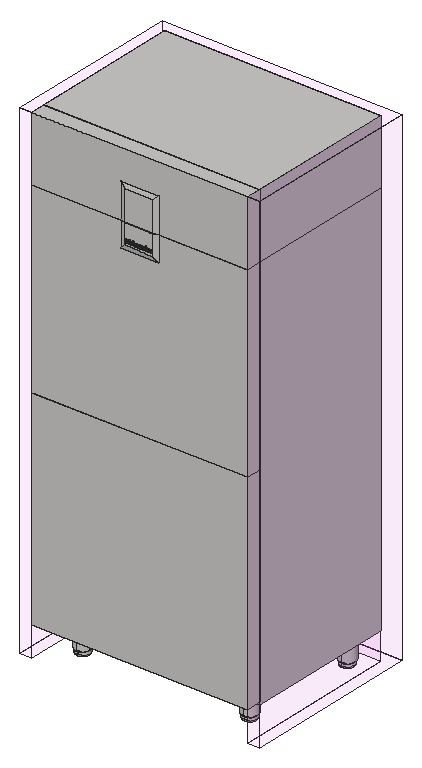
Revit family "QF_ELECTROLUXPROFESSIONAL_691351_PS09R2FHC", category Specialty Equipment, Revit 2018
Family settings
  Round Connector Dimension = Use Diameter
  Part Type = Normal
  Work Plane-Based = No
  Always vertical = Yes
  Cut with Voids When Loaded = No
  Shared = No
  Room Calculation Point = No
Parameters (values of type "Standard")
  Weight = 29.2159 lbm
  Watts = 0 W
  Volts = 220 V
  URL Manufacturer = "http://professional.electrolux.com"
  URL = "http://professional.electrolux.com"
  Steam Supply Size = 0"
  Steam Supply Minimum Pressure = 0.00 psi
  Steam Supply Maximum Pressure = 0.00 psi
  Steam Pounds per Hour = 0
  Show Clearance [instance] = yes
  Refrigeration Suction Line Size = 0"
  Refrigeration Liquid Line Size = 0"
  Refrigerant Compressor Remote = yes
  Phase = 1
  Model = "PS09R2FHC"
  Manufacturer = "Electrolux Professional"
  Length Actual = 900 mm  # constant formula
  Item Number = "691351"
  Hot Water Size = 0"
  Height Actual = 2040 mm  # constant formula
  HP = "0.2 HP"
  Gas Size = 0"
  Gas KW = 0
  Gas Input Pressure = 0.0 Btu/h
  Direct Waste Size = 0"
  Description = "2-DOOR REFRIGERATOR 720LT,0/+10°,PROSTORE-R290"
  Depth Actual = 700 mm  # constant formula
  Cycle = 50 Hz
  Condensate Return Size = 0"
  Compressed Air Volume = 0 GPM
  Compressed Air Size = 0"
  Compressed Air Pressure = 0.00 psi
  Cold Water Size = 0"
  Accessory = yes
Types (2, lengths in mm): name | URL | Phase | Model | Manufacturer | Description
  (no name) | "http://professional.electrolux.com/" | 0 | "RBC201" | "Electrolux" | "BLAST CHILLER 56 KG 20 GN1/1"
  Standard | "http://professional.electrolux.com" | 1 | "PS09R2FHC" | "Electrolux Professional" | "2-DOOR REFRIGERATOR 720LT,0/+10°,PROSTORE-R290"
Values of the unnamed type that differ from the named types
  Volts = 380 V
  URL Manufacturer = "http://professional.electrolux.com/"
  Item Number = "726624"
Reference planes
  plane 1 "BACK": y = 0
  plane 2: z = 0
  plane 3 "LEFT": x = 0
  plane 4 "RIGHT": x = 900
  plane 5 "FRONT": y = -700
  plane 6 "TOP": z = 2040
  plane 7 "Center Y": x = 450
  plane 8 "Center X": y = -350
  plane 9: x = 102
  plane 10: x = 798
  plane 11: z = 115
  plane 12: z = 86
  plane 13: y = -80
  plane 14: y = -694
  plane 15: y = -1527
  plane 16: y = -630
  plane 17: z = 1770
  plane 18: x = -50
  plane 19: y = 50
  plane 20: x = 950
Forms (mm)
  Extrusion 1, solid, material "QF_Metal - Stainless - Polished"
    sketch origin (0, 0, 0) x (1, 0, 0) y (0, 0, 1)
      loop
        line (0, 2040) -> (0, 1770) -> (900, 1770) -> (900, 2040) -> (0, 2040)
    from 0 to 630
  Extrusion 2, solid, material "QF_Metal - Stainless - Polished"
    sketch origin (0, 0, 0) x (1, 0, 0) y (0, 0, 1)
      loop
        line (0, 1770) -> (0, 115) -> (900, 115) -> (900, 1770) -> (0, 1770)
    from 0 to 630
  Extrusion 3, solid, material "QF_Metal - Stainless - Polished"
    sketch origin (-370, 0, -128) x (1, 0, 0) y (0, 0, 1)
      loop
        circle (450, 1847.083) r 20
    from -7.507 to 0
  Extrusion 4, solid, material "QF_Door-Drawer Clearances", visible <- "Show Clearance", detail levels coarse
    sketch origin (0, 0, 0) x (1, 0, 0) y (0, 1, 0)
      loop
        line (900, -694) -> (0, -694)
        arc (0, -694) -> (275.209, -1299.35) -> (900, -1527) r 859.201
        line (900, -1527) -> (900, -694)
    from 127.536 to 995.399
  Extrusion 5, solid, material "QF_Metal - Stainless - Polished"
    sketch origin (0, 130.478, 0) x (1, 0, 0) y (0, 0, 1)
      loop
        line (0, 2040) -> (0, 1770) -> (900, 1770) -> (900, 2040) -> (0, 2040)
    from 760.478 to 824.478
  Revolve 6, solid, material "QF_Metal - Stainless - Polished"
    sketch origin (798, -2.833, 0) x (0, 1, 0) y (0, 0, -1)
      loop
        line (-590.954, -115) -> (-553.167, -115) -> (-553.167, 0) -> (-578.757, 0)
        arc (-578.757, 0) -> (-580.973, -2.655) -> (-581.767, -6.021) r 7.527
        line (-581.767, -6.021) -> (-581.767, -17.561) -> (-585.28, -21.074) -> (-585.28, -110.008) -> (-590.954, -110.008) -> (-590.954, -115)
      axis (-553.167, 0) -> (-553.167, -115)
    angle from 0 to 360
  Revolve 7, solid, material "QF_Metal - Stainless - Polished"
    sketch origin (102, -2.833, 0) x (0, 1, 0) y (0, 0, 1)
      loop
        line (-590.954, 115) -> (-590.954, 110.008) -> (-585.28, 110.008) -> (-585.28, 21.074) -> (-581.767, 17.561) -> (-581.767, 6.021)
        arc (-581.767, 6.021) -> (-580.973, 2.655) -> (-578.757, 0) r 7.527
        line (-578.757, 0) -> (-553.167, 0) -> (-553.167, 115) -> (-590.954, 115)
      axis (-553.167, 0) -> (-553.167, 115)
    angle from 0 to 360
  Revolve 8, solid, material "QF_Metal - Stainless - Polished"
    sketch origin (824, -759.167, 0) x (0, -1, 0) y (0, 0, 1)
      loop
        line (-716.954, 115) -> (-716.954, 110.008) -> (-711.28, 110.008) -> (-711.28, 21.074) -> (-707.767, 17.561) -> (-707.767, 6.021)
        arc (-707.767, 6.021) -> (-706.973, 2.655) -> (-704.757, 0) r 7.527
        line (-704.757, 0) -> (-679.167, 0) -> (-679.167, 115) -> (-716.954, 115)
      axis (-679.167, 0) -> (-679.167, 115)
    angle from 0 to 360
  Revolve 9, solid, material "QF_Metal - Stainless - Polished"
    sketch origin (76, -759.167, 0) x (0, -1, 0) y (0, 0, 1)
      loop
        line (-716.954, 115) -> (-716.954, 110.008) -> (-711.28, 110.008) -> (-711.28, 21.074) -> (-707.767, 17.561) -> (-707.767, 6.021)
        arc (-707.767, 6.021) -> (-706.973, 2.655) -> (-704.757, 0) r 7.527
        line (-704.757, 0) -> (-679.167, 0) -> (-679.167, 115) -> (-716.954, 115)
      axis (-679.167, 0) -> (-679.167, 115)
    angle from 0 to 360
  Blend 10, solid, material "QF_Metal - Stainless - Polished"
    base sketch origin (0, -694, 0) x (1, 0, 0) y (0, 0, 1)
      loop
        line (370, 1914.822) -> (370, 1664.822) -> (530, 1664.822) -> (530, 1914.822) -> (370, 1914.822)
    top sketch origin (0, -694, 0) x (1, 0, 0) y (0, 0, 1)
      loop
        line (510, 1894.822) -> (390, 1894.822) -> (390, 1684.822) -> (510, 1684.822) -> (510, 1894.822)
    from 0 to 6
  Extrusion 11, void
    sketch origin (0, -700, 0) x (-1, 0, 0) y (0, 0, 1)
      loop
        line (-370, 1770.997) -> (-530, 1770.997) -> (-530, 1769.003) -> (-370, 1769.003) -> (-370, 1770.997)
    from 0 to 6
  Extrusion 12, solid, material "QF_Door-Drawer Clearances"
    sketch origin (0, 0, 0) x (1, 0, 0) y (0, 1, 0)
      loop
        line (0, -694) -> (0, 0) -> (900, 0) -> (900, -694) -> (950, -694) -> (950, 50) -> (-50, 50) -> (-50, -694) -> (0, -694)
    from 0 to 2040
  Extrusion 13, solid, material "QF_Metal - Stainless - Polished"
    sketch origin (0, 140, 0) x (1, 0, 0) y (0, 0, 1)
      loop
        line (0, 1770) -> (0, 995.399) -> (900, 995.399) -> (900, 1770) -> (0, 1770)
    from 834 to 770
  Extrusion 14, solid, material "QF_Metal - Stainless - Polished"
    sketch origin (0, 140, 0) x (1, 0, 0) y (0, 0, 1)
      loop
        line (0, 995.399) -> (0, 127.536) -> (900, 127.536) -> (900, 995.399) -> (0, 995.399)
    from 834 to 770
  Extrusion 15, solid, material "QF_Door-Drawer Clearances", visible <- "Show Clearance", detail levels coarse
    sketch origin (0, 0, 0) x (1, 0, 0) y (0, 1, 0)
      loop
        line (900, -694) -> (0, -694)
        arc (0, -694) -> (275.209, -1299.35) -> (900, -1527) r 859.201
        line (900, -1527) -> (900, -694)
    from 995.399 to 1770
Cuts and joins
  Extrusion 11 cuts Extrusion 1
  Extrusion 11 cuts Extrusion 2
  Extrusion 11 cuts Extrusion 5
  Extrusion 11 cuts Blend 10
Lines and regions (mm)
  Split face 1
    outline origin (0, -700, 0) x (1, 0, 0) y (0, 0, 1)
      loop
        line (415, 1894.822) -> (415, 1742.499) -> (485, 1742.499) -> (485, 1894.822)
  symbolic lines
    curve 1: line (0, 0, 0) -> (900, 0, 0)
    curve 2: line (0, -694, 0) -> (0, 0, 0)
    curve 3: line (900, -694, 0) -> (0, -694, 0)
    curve 4: line (900, 0, 0) -> (900, -694, 0)
    curve 5: line (0, -630, 0) -> (900, -630, 0)
    curve 6: line (370, -694, 0) -> (390, -700, 0)
    curve 7: line (390, -700, 0) -> (510, -700, 0)
    curve 8: line (510, -700, 0) -> (530, -694, 0)
  symbolic lines, style "QF_Door-Drawer Clearances"
    curve 9: arc (0, -694, 0) -> (275.209, -1299.35, 0) -> (900, -1527, 0) r 859.201
    curve 10: line (900, -1527, 0) -> (900, -694, 0)
    curve 11: line (0, -694, 0) -> (-50, -694, 0)
    curve 12: line (-50, -694, 0) -> (-50, 50, 0)
    curve 13: line (-50, 50, 0) -> (950, 50, 0)
    curve 14: line (950, 50, 0) -> (950, -694, 0)
    curve 15: line (950, -694, 0) -> (900, -694, 0)
Dimensions and locks
  equal spacing: plane 3 "LEFT", plane 7 "Center Y", plane 4 "RIGHT"
  plane 3 "LEFT" to plane 4 "RIGHT" = 900 mm
  equal spacing: plane 5 "FRONT", plane 8 "Center X", plane 1 "BACK"
  plane 5 "FRONT" to plane 1 "BACK" = 700 mm
  plane 6 "TOP" to level = 2040 mm
  plane 9 to plane 3 "LEFT" = 102 mm
  plane 10 to plane 4 "RIGHT" = 102 mm
  plane 10 to plane 9 = 696 mm
  plane 11 to level = 115 mm
  plane 12 to plane 11 = 29 mm
  plane 1 "BACK" to plane 13 = 80 mm
  plane 15 to plane 1 "BACK" = 1527 mm
  plane 3 "LEFT" to Extrusion 4 = 900 mm
  plane 11 to plane 2 = 115 mm
  plane 1 "BACK" to plane 16 = 630 mm
  plane 18 to plane 3 "LEFT" = 50 mm
  plane 4 "RIGHT" to plane 20 = 50 mm
  plane 1 "BACK" to plane 19 = 50 mm
  aligned and locked: level to plane 2
  aligned and locked: Extrusion 5 to plane 4 "RIGHT"
  aligned and locked: Extrusion 5 to plane 3 "LEFT"
  aligned and locked: plane 5 "FRONT" to Blend 10
Automatic sketch dimensions
  Extrusion 1 sketch curve to plane 3 "LEFT" = 0 mm
  plane 4 "RIGHT" to Extrusion 1 sketch curve = 0 mm
  Extrusion 1 sketch curve to plane 17 = 0 mm
  Extrusion 1 sketch curve to plane 6 "TOP" = 0 mm
  Extrusion 2 sketch curve to plane 3 "LEFT" = 0 mm
  plane 4 "RIGHT" to Extrusion 2 sketch curve = 0 mm
  Extrusion 2 sketch curve to plane 11 = 0 mm
  Extrusion 2 sketch curve to plane 17 = 0 mm
  Extrusion 3 sketch curve to plane 9 = 22 mm
  Extrusion 3 sketch curve to plane 17 = 50.917 mm
  Extrusion 4 sketch curve to plane 3 "LEFT" = 0 mm
  Extrusion 4 sketch curve to plane 4 "RIGHT" = 0 mm
  Extrusion 4 sketch curve to plane 15 = 0 mm
  plane 14 to Extrusion 4 sketch curve = 0 mm
  Extrusion 4 sketch curve to plane 14 = 25.214 mm
  Extrusion 5 sketch curve to plane 3 "LEFT" = 0 mm
  plane 4 "RIGHT" to Extrusion 5 sketch curve = 0 mm
  Extrusion 5 sketch curve to plane 17 = 0 mm
  Extrusion 5 sketch curve to plane 6 "TOP" = 0 mm
  plane 11 to Revolve 6 sketch curve = 0 mm
  Revolve 6 sketch curve to level = 0 mm
  plane 16 to Revolve 6 sketch curve = 36.213 mm
  Revolve 6 sketch curve to Revolve 6 sketch curve = 5.674 mm
  Revolve 6 sketch curve to Revolve 6 sketch curve = 3.513 mm  (x2)
  Revolve 6 sketch curve to Revolve 6 sketch curve = 3.01 mm
  level to Revolve 6 sketch curve = 6.021 mm
  Revolve 6 sketch curve to Revolve 6 sketch curve = 21.073 mm
  Revolve 6 sketch curve to plane 11 = 4.992 mm  (x2)
  Revolve 6 sketch curve to Revolve 6 sketch curve = 15.053 mm
  Revolve 6 sketch curve to Revolve 6 sketch curve = 0 mm
  Revolve 6 sketch curve to Revolve 6 sketch curve = 20.008 mm
  Revolve 7 sketch curve to plane 11 = 0 mm
  Revolve 7 sketch curve to level = 0 mm
  plane 16 to Revolve 7 sketch curve = 36.213 mm
  Revolve 7 sketch curve to Revolve 7 sketch curve = 5.674 mm
  Revolve 7 sketch curve to Revolve 7 sketch curve = 3.513 mm  (x2)
  Revolve 7 sketch curve to Revolve 7 sketch curve = 3.01 mm
  level to Revolve 7 sketch curve = 6.021 mm
  Revolve 7 sketch curve to Revolve 7 sketch curve = 21.073 mm
  Revolve 7 sketch curve to Revolve 7 sketch curve = 11.54 mm
  Revolve 7 sketch curve to plane 11 = 4.992 mm
  Revolve 7 sketch curve to Revolve 7 sketch curve = 0 mm
  Revolve 7 sketch curve to Revolve 7 sketch curve = 4.992 mm
  plane 11 to Revolve 7 sketch curve = 20.008 mm
  Revolve 8 sketch curve to plane 11 = 0 mm
  Revolve 8 sketch curve to level = 0 mm
  Revolve 8 sketch curve to plane 13 = 0 mm  (x2)
  level to Revolve 8 sketch curve = 6.021 mm
  Revolve 8 sketch curve to plane 13 = 21.073 mm
  Revolve 8 sketch curve to Revolve 8 sketch curve = 4.517 mm
  Revolve 8 sketch curve to Revolve 8 sketch curve = 3.513 mm  (x2)
  Revolve 8 sketch curve to Revolve 8 sketch curve = 5.674 mm
  Revolve 8 sketch curve to Revolve 8 sketch curve = 11.54 mm
  Revolve 8 sketch curve to plane 11 = 4.992 mm
  Revolve 8 sketch curve to Revolve 8 sketch curve = 4.992 mm
  plane 11 to Revolve 8 sketch curve = 20.008 mm
  Revolve 9 sketch curve to plane 11 = 0 mm
  Revolve 9 sketch curve to level = 0 mm
  Revolve 9 sketch curve to plane 13 = 0 mm  (x2)
  Revolve 9 sketch curve to level = 6.021 mm
  plane 13 to Revolve 9 sketch curve = 21.073 mm
  Revolve 9 sketch curve to Revolve 9 sketch curve = 4.517 mm
  Revolve 9 sketch curve to Revolve 9 sketch curve = 3.513 mm  (x2)
  Revolve 9 sketch curve to Revolve 9 sketch curve = 5.674 mm
  Revolve 9 sketch curve to Revolve 9 sketch curve = 11.54 mm
  plane 11 to Revolve 9 sketch curve = 4.992 mm  (x2)
  Revolve 9 sketch curve to Revolve 9 sketch curve = 20.008 mm
  Blend 10 sketch curve to Blend 10 sketch curve = 160 mm
  Blend 10 sketch curve to Blend 10 sketch curve = 120 mm
  Split face 1 sketch curve to Blend 10 = 0 mm  (x2)
  Split face 1 sketch curve to Blend 10 = 25 mm  (x2)
  Split face 1 sketch curve to Blend 10 = 57.677 mm
  Extrusion 11 sketch curve to Blend 10 = 20 mm  (x2)
  Blend 10 to Extrusion 11 sketch curve = 84.181 mm
  Extrusion 11 sketch curve to Extrusion 11 sketch curve = 1.995 mm
  Extrusion 12 sketch curve to plane 18 = 0 mm
  plane 1 "BACK" to Extrusion 12 sketch curve = 0 mm
  Extrusion 12 sketch curve to plane 3 "LEFT" = 0 mm
  Extrusion 12 sketch curve to plane 4 "RIGHT" = 0 mm
  Extrusion 12 sketch curve to plane 19 = 0 mm
  Extrusion 12 sketch curve to plane 20 = 0 mm
  plane 14 to Extrusion 12 sketch curve = 0 mm  (x2)
  curve 13 to plane 18 = 0 mm
  curve 3 to plane 3 "LEFT" = 0 mm
  plane 5 "FRONT" to curve 7 = 0 mm
  curve 9 to plane 4 "RIGHT" = 0 mm
  curve 15 to plane 4 "RIGHT" = 0 mm
  plane 14 to curve 14 = 0 mm
  curve 14 to plane 20 = 0 mm
  curve 10 to plane 15 = 0 mm
  curve 5 to plane 16 = 0 mm
  plane 1 "BACK" to curve 4 = 0 mm
  curve 13 to plane 19 = 0 mm
  curve 7 to plane 7 "Center Y" = 60 mm
  plane 7 "Center Y" to curve 8 = 60 mm
  curve 9 to plane 14 = 25.214 mm
  curve 6 to curve 6 = 20 mm
  curve 7 to curve 8 = 20 mm
  Blend 10 sketch curve to plane 7 "Center Y" = 80 mm
  Blend 10 sketch curve to plane 17 = 105.178 mm
  Blend 10 sketch curve to plane 6 "TOP" = 125.178 mm
  Blend 10 sketch curve to plane 7 "Center Y" = 60 mm
  Blend 10 sketch curve to plane 17 = 85.178 mm
  plane 17 to Blend 10 sketch curve = 124.822 mm
  Extrusion 13 sketch curve to plane 3 "LEFT" = 0 mm
  Extrusion 13 sketch curve to plane 17 = 0 mm
  plane 7 "Center Y" to Extrusion 13 sketch curve = 450 mm
  Extrusion 13 sketch curve to Extrusion 13 sketch curve = 774.601 mm
  Extrusion 14 sketch curve to plane 3 "LEFT" = 0 mm
  plane 11 to Extrusion 14 sketch curve = 12.536 mm
  plane 7 "Center Y" to Extrusion 14 sketch curve = 450 mm
  Extrusion 14 sketch curve to plane 17 = 774.601 mm
  Extrusion 15 sketch curve to plane 3 "LEFT" = 0 mm
  Extrusion 15 sketch curve to plane 4 "RIGHT" = 0 mm
  Extrusion 15 sketch curve to plane 15 = 0 mm
  plane 14 to Extrusion 15 sketch curve = 0 mm
  Extrusion 15 sketch curve to plane 14 = 25.214 mm
  radius of Extrusion 3 sketch curve = 20 mm
Nested families
  nested 1: "ELX_Logo_S" at (450.625, -700, 1704.375) x (1, 0, 0) z (0, -1, 0), type "ELX_Logo_S"
Connectors
  electrical at (80, 7.507, 1719.083), driven by "Volts"
    settings: on Extrusion 3, index 2, voltage 220 V, apparent load 0 VA, apparent load phase1 0 VA, apparent load phase2 0 VA, apparent load phase3 0 VA, power factor 1, load classification "Other", number of poles 1, system type 30, power factor state 1, is connector primary yes, connector utility no, sub classification motor no, connector description "Electrical Connection"
Definition of nested family "ELX_Logo_S"
  Parameters (values of type "ELX_Logo_S")
    Default Elevation = 0 mm
  Reference planes
    plane 1 "Centro (Fronte/Retro)": y = 0
    plane 2: z = 0
    plane 3 "Centro (Sinistra/Destra)": x = 0
  Forms (mm)
    Extrusion 1, solid
      sketch origin (0, 0, 0) x (1, 0, 0) y (0, 1, 0)
        loop
          line (-1219.2, 1219.2) -> (-1219.2, -1219.2) -> (1219.2, -1219.2) -> (1219.2, 1219.2) -> (-1219.2, 1219.2)
      from 0 to -304.8
    Extrusion 2, solid
      sketch origin (0, 0, 0) x (1, 0, 0) y (0, 1, 0)
        loop
          line (-43.793, 5.912) -> (-43.793, -6.455)
          arc (-43.793, -6.455) -> (-39.222, -0.272) -> (-43.793, 5.912) r 6.467
        loop
          arc (-44.422, 5.912) -> (-49.565, 4.743) -> (-52.043, 0.087) r 6.338
          line (-52.043, 0.087) -> (-49.997, 0.087)
          arc (-49.997, 0.087) -> (-46.342, 1.57) -> (-44.422, 5.016) r 5.941
          line (-44.422, 5.016) -> (-44.422, 5.912)
        loop
          arc (-44.422, -5.559) -> (-46.342, -2.114) -> (-49.997, -0.63) r 5.941
          line (-49.997, -0.63) -> (-52.043, -0.63)
          arc (-52.043, -0.63) -> (-49.569, -5.324) -> (-44.422, -6.614) r 6.504
          line (-44.422, -6.614) -> (-44.422, -5.559)
        loop
          line (-52.512, 6.586) -> (-52.512, -7.158) -> (-38.749, -7.158) -> (-38.749, 6.586) -> (-52.512, 6.586)
        loop
          arc (-35.782, 6.67) -> (-36.139, 6.322) -> (-35.801, 5.955) r 0.358
          arc (-35.801, 5.955) -> (-35.051, 5.641) -> (-34.666, 4.924) r 1.216
          line (-34.666, 4.924) -> (-34.666, -5.488)
          arc (-34.666, -5.488) -> (-34.944, -6.148) -> (-35.54, -6.544) r 1.238
          arc (-35.54, -6.544) -> (-35.791, -6.939) -> (-35.437, -7.244) r 0.358
          line (-35.437, -7.244) -> (-25.558, -7.244) -> (-25.558, -4.494) -> (-26.455, -4.494)
          arc (-26.455, -4.494) -> (-27.035, -5.403) -> (-28.012, -5.858) r 1.928
          line (-28.012, -5.858) -> (-30.511, -5.858)
          arc (-30.511, -5.858) -> (-31.24, -5.583) -> (-31.604, -4.894) r 1.101
          line (-31.604, -4.894) -> (-31.604, -0.808) -> (-27.931, -0.808)
          arc (-27.931, -0.808) -> (-27.434, -1.16) -> (-27.206, -1.725) r 1.083
          arc (-27.206, -1.725) -> (-26.9, -1.989) -> (-26.622, -1.697) r 0.292
          line (-26.622, -1.697) -> (-26.622, 1.265)
          arc (-26.622, 1.265) -> (-26.895, 1.568) -> (-27.225, 1.329) r 0.305
          arc (-27.225, 1.329) -> (-27.473, 0.839) -> (-27.931, 0.534) r 1.083
          line (-27.931, 0.534) -> (-31.604, 0.534) -> (-31.604, 5.211) -> (-27.857, 5.211)
          arc (-27.857, 5.211) -> (-27.101, 4.997) -> (-26.603, 4.39) r 1.314
          arc (-26.603, 4.39) -> (-26.199, 4.171) -> (-25.907, 4.526) r 0.361
          line (-25.907, 4.526) -> (-25.907, 6.67) -> (-35.782, 6.67)
        loop
          arc (-25.126, 5.953) -> (-24.207, 5.572) -> (-23.827, 4.654) r 1.299
          line (-23.827, 4.654) -> (-23.827, -4.925)
          arc (-23.827, -4.925) -> (-24.205, -5.763) -> (-25.083, -6.035) r 1.118
          line (-25.083, -6.035) -> (-25.083, -7.244) -> (-19.733, -7.244) -> (-19.733, -6.056)
          arc (-19.733, -6.056) -> (-20.65, -5.784) -> (-21.046, -4.914) r 1.153
          line (-21.046, -4.914) -> (-21.046, 7.158) -> (-25.126, 5.953)
        loop
          line (-17.097, -2.28) -> (-10.65, -2.28) -> (-10.65, -1.481)
          arc (-10.65, -1.481) -> (-11.634, 1.1) -> (-14.088, 2.369) r 3.874
          line (-14.088, 2.369) -> (-15.848, 2.369)
          arc (-15.848, 2.369) -> (-18.713, 1.182) -> (-19.899, -1.682) r 4.051
          line (-19.899, -1.682) -> (-19.899, -3.691)
          arc (-19.899, -3.691) -> (-18.414, -6.509) -> (-15.407, -7.561) r 4.352
          arc (-15.407, -7.561) -> (-12.944, -7.196) -> (-10.87, -5.819) r 5.713
          line (-10.87, -5.819) -> (-10.87, -4.87)
          arc (-10.87, -4.87) -> (-12.439, -5.603) -> (-14.157, -5.819) r 5.579
          arc (-14.157, -5.819) -> (-16.12, -5.025) -> (-17.097, -3.146) r 3.057
          line (-17.097, -3.146) -> (-17.097, -2.28)
        loop
          line (-17.097, -1.02) -> (-13.515, -1.02)
          arc (-13.515, -1.02) -> (-13.468, 0.436) -> (-14.627, 1.319) r 1.59
          line (-14.627, 1.319) -> (-15.457, 1.319)
          arc (-15.457, 1.319) -> (-16.712, 0.455) -> (-17.097, -1.02) r 2.184
        loop
          arc (-1.232, 1.771) -> (-2.906, 2.259) -> (-4.643, 2.417) r 9.023
          line (-4.643, 2.417) -> (-6.005, 2.417)
          arc (-6.005, 2.417) -> (-8.805, 1.257) -> (-9.965, -1.542) r 3.959
          line (-9.965, -1.542) -> (-9.965, -4.142)
          arc (-9.965, -4.142) -> (-8.672, -6.424) -> (-6.299, -7.541) r 4.331
          line (-6.299, -7.541) -> (-4.164, -7.541)
          arc (-4.164, -7.541) -> (-2.614, -7.033) -> (-1.268, -6.112) r 5.772
          arc (-1.268, -6.112) -> (-1.217, -5.35) -> (-1.976, -5.263) r 0.553
          arc (-1.976, -5.263) -> (-2.71, -5.651) -> (-3.529, -5.785) r 2.573
          line (-3.529, -5.785) -> (-5.044, -5.785)
          arc (-5.044, -5.785) -> (-6.686, -4.779) -> (-7.328, -2.965) r 2.884
          line (-7.328, -2.965) -> (-7.328, -1.686)
          arc (-7.328, -1.686) -> (-6.768, 0.135) -> (-5.103, 1.062) r 2.554
          line (-5.103, 1.062) -> (-4.05, 1.062)
          arc (-4.05, 1.062) -> (-3.122, 0.73) -> (-2.387, 0.073) r 2.564
          arc (-2.387, 0.073) -> (-1.67, -0.148) -> (-1.232, 0.461) r 0.643
          line (-1.232, 0.461) -> (-1.232, 1.771)
        loop
          line (-0.962, 0.752) -> (0.539, 0.752) -> (0.539, -5.296)
          arc (0.539, -5.296) -> (1.197, -6.884) -> (2.785, -7.541) r 2.246
          line (2.785, -7.541) -> (4.369, -7.541)
          arc (4.369, -7.541) -> (5.233, -7.228) -> (6.005, -6.727) r 4.06
          arc (6.005, -6.727) -> (6.138, -5.995) -> (5.437, -5.743) r 0.576
          arc (5.437, -5.743) -> (4.911, -5.849) -> (4.379, -5.785) r 1.69
          arc (4.379, -5.785) -> (3.591, -5.244) -> (3.288, -4.337) r 1.506
          line (3.288, -4.337) -> (3.288, 0.801) -> (5.685, 0.801) -> (6.241, 1.357) -> (6.241, 2.179) -> (3.382, 2.179) -> (3.382, 5.41) -> (-0.962, 0.752)
        loop
          line (7.139, -7.324) -> (12.526, -7.324) -> (12.526, -6.214)
          arc (12.526, -6.214) -> (11.575, -5.82) -> (11.181, -4.869) r 1.345
          line (11.181, -4.869) -> (11.181, -1.253)
          arc (11.181, -1.253) -> (11.773, -0.488) -> (12.695, -0.199) r 1.615
          line (12.695, -0.199) -> (14.251, -0.199) -> (14.936, 2.357) -> (13.553, 2.357) -> (10.994, 0.414) -> (10.994, 2.295) -> (8.288, 2.01)
          arc (8.288, 2.01) -> (7.758, 1.571) -> (7.959, 0.912) r 0.621
          arc (7.959, 0.912) -> (8.301, 0.512) -> (8.484, 0.018) r 1.501
          line (8.484, 0.018) -> (8.484, -4.869)
          arc (8.484, -4.869) -> (8.09, -5.82) -> (7.139, -6.214) r 1.345
          line (7.139, -6.214) -> (7.139, -7.324)
        loop
          line (14.473, -1.222) -> (14.473, -3.914)
          arc (14.473, -3.914) -> (15.781, -6.36) -> (18.311, -7.494) r 4.288
          arc (18.311, -7.494) -> (19.692, -7.557) -> (21.072, -7.494) r 15.022
          arc (21.072, -7.494) -> (23.603, -6.36) -> (24.91, -3.914) r 4.288
          line (24.91, -3.914) -> (24.91, -1.222)
          arc (24.91, -1.222) -> (23.603, 1.223) -> (21.072, 2.357) r 4.288
          arc (21.072, 2.357) -> (19.692, 2.421) -> (18.311, 2.357) r 15.022
          arc (18.311, 2.357) -> (15.781, 1.223) -> (14.473, -1.222) r 4.288
        loop
          line (17.587, -1.017) -> (17.587, -4.119)
          arc (17.587, -4.119) -> (19.744, -6.276) -> (21.901, -4.119) r 2.157
          line (21.901, -4.119) -> (21.901, -1.017)
          arc (21.901, -1.017) -> (19.744, 1.14) -> (17.587, -1.017) r 2.157
        loop
          arc (24.768, 5.964) -> (25.662, 5.593) -> (26.033, 4.699) r 1.264
          line (26.033, 4.699) -> (26.033, -5.165)
          arc (26.033, -5.165) -> (25.636, -6.035) -> (24.72, -6.307) r 1.153
          line (24.72, -6.307) -> (24.72, -7.244) -> (29.828, -7.244) -> (29.828, -6.316)
          arc (29.828, -6.316) -> (29.056, -5.957) -> (28.741, -5.165) r 1.153
          line (28.741, -5.165) -> (28.741, 7.158) -> (24.768, 5.964)
        loop
          arc (29.365, 1.084) -> (30.43, 0.885) -> (30.912, -0.085) r 1.215
          line (30.912, -0.085) -> (30.912, -5.105)
          arc (30.912, -5.105) -> (31.559, -6.719) -> (33.142, -7.44) r 2.338
          line (33.142, -7.44) -> (34.657, -7.44)
          arc (34.657, -7.44) -> (35.661, -7.266) -> (36.547, -6.763) r 2.979
          line (36.547, -6.763) -> (38.344, -7.244) -> (40.032, -7.244) -> (40.032, 2.181) -> (35.829, 1.887) -> (35.829, 1.101)
          arc (35.829, 1.101) -> (36.665, 0.745) -> (37.174, -0.007) r 1.605
          line (37.174, -0.007) -> (37.174, -5.11)
          arc (37.174, -5.11) -> (36.237, -5.531) -> (35.213, -5.603) r 2.94
          arc (35.213, -5.603) -> (34.112, -5.042) -> (33.669, -3.889) r 1.724
          line (33.669, -3.889) -> (33.669, 2.307) -> (29.365, 1.084)
        loop
          line (40.886, 2.112) -> (42.932, 0.44) -> (45.238, -2.734) -> (42.126, -6.191)
          arc (42.126, -6.191) -> (41.732, -6.428) -> (41.273, -6.405) r 0.789
          line (41.273, -6.405) -> (41.273, -7.244) -> (44.818, -7.244) -> (44.818, -6.418)
          arc (44.818, -6.418) -> (44.456, -6.076) -> (44.548, -5.586) r 0.52
          line (44.548, -5.586) -> (46.019, -3.786) -> (47.394, -5.904)
          arc (47.394, -5.904) -> (47.084, -6.305) -> (46.585, -6.392) r 0.7
          line (46.585, -6.392) -> (46.585, -7.244) -> (52.512, -7.244) -> (52.512, -6.358)
          arc (52.512, -6.358) -> (51.853, -6.291) -> (51.322, -5.896) r 1.247
          line (51.322, -5.896) -> (48.041, -1.696) -> (50.094, 0.751) -> (51.836, 2.112) -> (48.112, 2.112) -> (48.535, 0.627) -> (47.258, -0.895) -> (46.068, 0.806) -> (46.844, 2.112) -> (40.886, 2.112)
      from 0 to 1.644
  Dimensions and locks
    aligned and locked: plane 2 to Extrusion 1
    aligned and locked: level to Extrusion 1
